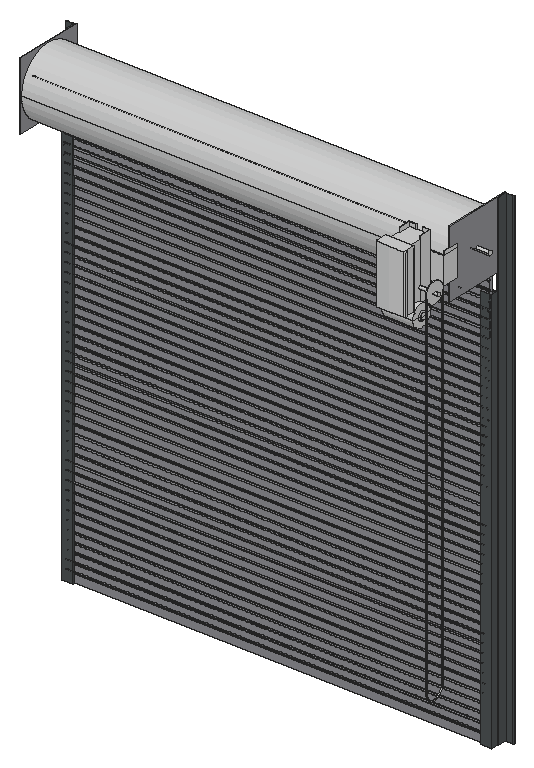
Revit family "Stormtite-HD-Insulated-Rolling-Steel-Service-Doors_OHD_Model-625_compact", category Specialty Equipment, host Wall, Revit 2023 (continued)
Definition of nested family "Motor"
  Definition of nested family "2D_NotScalableMain_29e791da-3db9-4234-ab15-44456784202b"
    Lines and regions (in)
      Masking region 3, in view "Ref. Level", visible <- "Face Mount"
        outline origin (0, 0, 0) x (1, 0, 0) y (0, 1, 0)
          loop
            line (-3.108, 1.46193) -> (-2.988, 1.46193) -> (-2.988, 4.96193) -> (2.988, 4.96193) -> (2.988, 1.46193) -> (3.108, 1.46193) -> (3.108, 5.08193) -> (7.2495, 5.08193) -> (7.2495, 9.82193) -> (6.8795, 9.82193) -> (6.8795, 5.33193) -> (7.1295, 5.33193) -> (7.1295, 5.20193) -> (-2.988, 5.20193) -> (-2.988, 5.08193) -> (-3.108, 5.08193) -> (-3.108, 1.46193)
      Masking region 4, in view "Ref. Level", visible <- "Top + Bench"
        outline origin (0, 0, 0) x (1, 0, 0) y (0, 1, 0)
          loop
            line (-6.9985, -0.96741) -> (-5.7485, -0.96741) -> (-5.7485, -0.30491) -> (-5.5274, -0.30491) -> (-5.5274, -1.76746) -> (-5.42825, -1.86661) -> (-4.5757, -1.86661) -> (-4.5757, -3.22517) -> (4.57, -3.22517) -> (4.57, -1.27241) -> (4.799, -1.27241) -> (4.799, -0.84111) -> (5.199, -0.84111) -> (5.199, 0.84111) -> (4.799, 0.84111) -> (4.799, 1.27241) -> (4.57, 1.27241) -> (4.57, 3.22034) -> (4.3324, 3.22034) -> (4.3324, 6.13) -> (7.2495, 6.13) -> (7.2495, 3.53) -> (7.52, 3.53) -> (7.52, 6.13) -> (8.82, 6.13) -> (8.82, 6.93) -> (7.52, 6.93) -> (7.52, 9.53) -> (7.2495, 9.53) -> (7.2495, 6.93) -> (4.3324, 6.93) -> (4.3324, 19.24819) -> (3.108, 19.24819) -> (3.108, 20.0298) -> (0.988, 20.0298) -> (0.988, 19.24819) -> (-0.988, 19.24819) -> (-0.988, 20.0298) -> (-3.108, 20.0298) -> (-3.108, 19.24819) -> (-4.3324, 19.24819) -> (-4.3324, 3.22517) -> (-4.5757, 3.22517) -> (-4.5757, 1.86661) -> (-5.42825, 1.86661) -> (-5.5274, 1.76746) -> (-5.5274, 0.30491) -> (-5.7485, 0.30491) -> (-5.7485, 0.96741) -> (-6.9985, 0.96741) -> (-6.9985, -0.96741)
      Masking region 5, in view "Ref. Level", visible <- "Top Mount"
        outline origin (0, 0, 0) x (1, 0, 0) y (0, 1, 0)
          loop
            line (4.3324, 14.55771) -> (4.3324, 6.93) -> (7.2495, 6.93) -> (7.2495, 14.55771) -> (7.1295, 14.55771) -> (7.1295, 15.55771) -> (6.8795, 15.55771) -> (6.8795, 14.55771) -> (4.3324, 14.55771)
      Masking region 6, in view "Ref. Level", visible <- "Wall Mount"
        outline origin (0, 0, 0) x (1, 0, 0) y (0, 1, 0)
          loop
            line (-4.988, 4.96193) -> (-3.108, 4.96193) -> (-3.108, 1.46193) -> (-2.988, 1.46193) -> (-2.988, 5.08193) -> (-4.988, 5.08193) -> (-4.988, 4.96193)
          loop
            line (2.988, 1.46193) -> (3.108, 1.46193) -> (3.108, 4.96193) -> (4.988, 4.96193) -> (4.988, 5.08193) -> (2.988, 5.08193) -> (2.988, 1.46193)
      Masking region 7, in view "Ref. Level", visible <- "Bench Mount"
        outline origin (0, 0, 0) x (1, 0, 0) y (0, 1, 0)
          loop
            line (-7.24, 9.2698) -> (-7.1205, 9.2698) -> (-7.1205, 9.1098) -> (-4.3324, 9.1098) -> (-4.3324, 17.4298) -> (-7.1205, 17.4298) -> (-7.1205, 17.2698) -> (-7.24, 17.2698) -> (-7.24, 9.2698)
      Masking region 8, in view "Ref. Level", visible <- "Chain Hoist"
        outline origin (0, -6.98957, 0) x (1, 0, 0) y (0, 1, 0)
          loop
            line (4.7396, 6.58957) -> (7.2495, 6.58957) -> (7.2495, 3.98957) -> (7.52, 3.98957) -> (7.52, 6.58957) -> (8.82, 6.58957) -> (8.82, 7.38957) -> (7.52, 7.38957) -> (7.52, 9.98957) -> (7.2495, 9.98957) -> (7.2495, 7.38957) -> (4.7396, 7.38957) -> (4.7396, 6.58957)
      reference lines, in view "Ref. Level"
        curve 1: line (0, 0, 0) -> (0, 0.125, 0)
        curve 2: line (0, 0, 0) -> (0.125, 0, 0)
      detail lines, in view "Ref. Level", visible <- "Not Top + Bench"
        curve 3: line (7.2495, 4.19, 0) -> (7.2495, -1.81, 0)
        curve 4: line (7.52, 4.19, 0) -> (7.52, -1.81, 0)
        curve 5: line (-4.134, -2.29347, 0) -> (-4.134, -5.05565, 0)
        curve 6: line (4.116, -2.29347, 0) -> (4.116, -5.05565, 0)
        curve 7: line (-4.134, -2.41307, 0) -> (4.116, -2.41307, 0)
        curve 8: line (4.116, -2.29347, 0) -> (3.108, -2.29347, 0)
        curve 9: line (2.988, -2.17347, 0) -> (2.988, 4.96193, 0)
        curve 10: line (2.988, 4.96193, 0) -> (-2.988, 4.96193, 0)
        curve 11: line (-2.988, 4.96193, 0) -> (-2.988, -2.17347, 0)
        curve 12: arc (-2.988, -2.17347, 0) -> (-3.02315, -2.25832, 0) -> (-3.108, -2.29347, 0) r 0.12
        curve 13: arc (3.108, -2.29347, 0) -> (3.02315, -2.25832, 0) -> (2.988, -2.17347, 0) r 0.12
        curve 14: line (4.57, -3.22517, 0) -> (4.57, 0.77483, 0)
        curve 15: line (4.799, -1.27241, 0) -> (4.799, 0.77483, 0)
        curve 16: line (5.199, -0.84111, 0) -> (5.199, 0.77483, 0)
        curve 17: line (-4.5757, -3.22517, 0) -> (-4.5757, 3.22517, 0)
        curve 18: line (-5.42825, -1.86661, 0) -> (-5.42825, 1.86661, 0)
        curve 19: line (-5.5274, 1.76746, 0) -> (-5.5274, -1.76746, 0)
        curve 20: line (-5.7485, -0.96741, 0) -> (-5.7485, 0.96741, 0)
        curve 25: line (-4.116, -2.29347, 0) -> (-3.108, -2.29347, 0)
        curve 26: line (5.199, 0.77483, 0) -> (2.988, 0.77483, 0)
        curve 27: line (4.57, 1.59, 0) -> (3.108, 1.59, 0)
      detail lines, in view "Ref. Level", visible <- "Fire King Face Mount"
        curve 21: circle (0, 1.59, 0) r 1.29967 normal (0, 0, 1)
        curve 22: circle (0, 1.59, 0) r 0.87193 normal (0, 0, 1)
        curve 23: line (-2.988, 7.80693, 0) -> (2.988, 7.80693, 0)
        curve 24: line (-2.988, 7.685, 0) -> (2.988, 7.685, 0)
      detail lines, in view "Ref. Level", visible <- "Top + Bench"
        curve 28: line (-4.5757, -3.22517, 0) -> (-4.5757, 3.22517, 0)
        curve 29: line (-5.42825, 1.86661, 0) -> (-5.42825, -1.86661, 0)
        curve 30: line (-5.5274, 1.76746, 0) -> (-5.5274, -1.76746, 0)
        curve 31: line (-5.7485, -0.96741, 0) -> (-5.7485, 0.96741, 0)
        curve 32: line (-4.3324, 1.8898, 0) -> (-4.3324, 19.24819, 0)
        curve 33: line (-4.3324, 1.8898, 0) -> (4.3324, 1.8898, 0)
        curve 34: line (4.3324, 1.8898, 0) -> (4.3324, 19.24819, 0)
        curve 35: line (4.57, 3.22517, 0) -> (4.57, -3.22517, 0)
        curve 36: line (4.799, 1.27241, 0) -> (4.799, -1.22759, 0)
        curve 41: line (2.988, 20.0298, 0) -> (2.988, 19.24819, 0)
        curve 42: line (-2.988, 20.0298, 0) -> (-2.988, 19.24819, 0)
        curve 43: line (-3.108, 19.24819, 0) -> (-0.988, 19.24819, 0)
        curve 44: line (0.988, 19.24819, 0) -> (3.108, 19.24819, 0)
      detail lines, in view "Ref. Level", visible <- "Chain Hoist"
        curve 37: line (7.2495, 3, 0) -> (7.2495, -3, 0)
        curve 38: line (7.52, -3, 0) -> (7.52, 3, 0)
      detail lines, in view "Ref. Level", visible <- "Bench Mount"
        curve 39: line (-7.1205, 17.4298, 0) -> (-7.1205, 9.1098, 0)
        curve 40: line (-6.9985, 17.4298, 0) -> (-6.9985, 9.1098, 0)
    Dimensions and locks (in)
      curve 1 to curve 1 = 1/8"
      curve 2 to curve 2 = 1/8"
      aligned and locked: plane 1 "Center (Front/Back)" to curve 1
      aligned and locked: plane 3 "Center (Left/Right)" to curve 1
      aligned and locked: plane 1 "Center (Front/Back)" to curve 2
Definition of nested family "625"
  Parameters (values of type "Standard - Gray")
    Void Offset [instance] = if(Integrated Cutout, 0", 1")  # 1"
    Void Height [instance] = if(and([F 265, FE 265], Perforation), 1 1/2", 1")  # 1"
    Standard = yes
    Slat Width [instance] = 3/4"  # constant formula
    Slat Position + Offset [instance] = Slat Position + Cutout Vertical Offset  # 14.491"
    Slat Position [instance] = 2.63" * 5  # 13.15"
    Slat Option [instance] = 3
    Rough Height = 0"
    Perforation = no
    Fenestration Small = no
    Fenestration Large = no
    Cutout Width Offset [instance] = 1"  # constant formula
    Cutout Material 2 = none
    Cutout Horizontal Offset [instance] = 1"  # constant formula
    Cutout Material = none
    Panel Material = none
    Opening Width [instance] = 126"
    Cutout Vertical Offset [instance] = 1.341"  # constant formula
    F 265, FE 265 [instance] = if(Slat Option > 2, 1 = 1, 1 = 2)  # yes
    Default Elevation = 48"
    Integrated Cutout [instance] = if(and(or(Perforation, Fenestration Small), Slat Option > 1), 1 = 1, if(and(Fenestration Large, Slat Option > 2), 1 = 1, 1 = 2))  # no
    C 275 [instance] = if(Slat Option = 2, 1 = 1, 1 = 2)  # no
    C 187 Standard [instance] = if(Slat Option < 2, 1 = 1, 1 = 2)  # no
    Analytic Construction = "<None>"
  Types (16): name | Void Offset | Void Height | Standard | Perforation | Fenestration Small | Fenestration Large | Integrated Cutout
    Standard - White | 1" | 1" | yes | no | no | no | no
    Standard - Tan | 1" | 1" | yes | no | no | no | no
    Standard - Brown | 1" | 1" | yes | no | no | no | no
    Standard - Gray | 1" | 1" | yes | no | no | no | no
    Perforated - Brown | 0" | 1 1/2" | no | yes | no | no | yes
    Perforated - Gray | 0" | 1 1/2" | no | yes | no | no | yes
    Perforated - Tan | 0" | 1 1/2" | no | yes | no | no | yes
    Perforated - White | 0" | 1 1/2" | no | yes | no | no | yes
    Fenestration Small - White | 0" | 1" | no | no | yes | no | yes
    Fenestration Small - Tan | 0" | 1" | no | no | yes | no | yes
    Fenestration Small - Gray | 0" | 1" | no | no | yes | no | yes
    Fenestration Small - Brown | 0" | 1" | no | no | yes | no | yes
    Fenestration Large - Brown | 0" | 1" | no | no | no | yes | yes
    Fenestration Large - White | 0" | 1" | no | no | no | yes | yes
    Fenestration Large - Tan | 0" | 1" | no | no | no | yes | yes
    Fenestration Large - Gray | 0" | 1" | no | no | no | yes | yes
  Reference planes (in)
    plane 1 "Center (Front/Back)": y = 0
    plane 2: z = 0
    plane 3 "Center (Left/Right)": x = 0
    plane 4: x = -63
    plane 5: x = 63
    plane 6: y = 0.75
    plane 7: y = 0
    plane 8: y = 0.375
    plane 9: x = -62
    plane 10: x = 62
    plane 11: z = 1.341
    plane 12: z = 3.971
    plane 13: z = 6.601
    plane 14: z = 9.231
    plane 15: z = 11.861
  Forms (in)
    Extrusion 1, solid, material <- "Panel Material", visible <- "F 265, FE 265"
      sketch origin (0, -4.98186, 13.12534) x (0, 1, 0) y (0, 0, 1)
        loop
          arc (5.0988, -13.3083) -> (5.09929, -13.34104) -> (5.11348, -13.37055) r 0.07621
          line (5.11348, -13.37055) -> (5.62788, -13.53218)
          arc (5.62788, -13.53218) -> (5.6992, -13.52035) -> (5.73186, -13.45586) r 0.08
          line (5.73186, -13.45586) -> (5.73186, -11.01223)
          arc (5.73186, -11.01223) -> (5.70998, -10.95725) -> (5.6563, -10.93235) r 0.08
          line (5.6563, -10.93235) -> (5.15805, -10.90465)
          arc (5.15805, -10.90465) -> (5.1326, -10.89411) -> (5.12205, -10.86866) r 0.03599
          line (5.12205, -10.86866) -> (5.14644, -10.75537) -> (5.62788, -10.90665)
          arc (5.62788, -10.90665) -> (5.6992, -10.89482) -> (5.73186, -10.83033) r 0.08
          line (5.73186, -10.83033) -> (5.73186, -8.38669)
          arc (5.73186, -8.38669) -> (5.70998, -8.33172) -> (5.6563, -8.30682) r 0.08
          line (5.6563, -8.30682) -> (5.15803, -8.27913)
          arc (5.15803, -8.27913) -> (5.13258, -8.26859) -> (5.12203, -8.24314) r 0.036
          line (5.12203, -8.24314) -> (5.14608, -8.12972) -> (5.62788, -8.28112)
          arc (5.62788, -8.28112) -> (5.6992, -8.26929) -> (5.73186, -8.2048) r 0.08
          line (5.73186, -8.2048) -> (5.73186, -5.76116)
          arc (5.73186, -5.76116) -> (5.70998, -5.70618) -> (5.6563, -5.68128) r 0.08
          line (5.6563, -5.68128) -> (5.15805, -5.65358)
          arc (5.15805, -5.65358) -> (5.1326, -5.64304) -> (5.12205, -5.61759) r 0.03599
          line (5.12205, -5.61759) -> (5.14644, -5.50431) -> (5.62788, -5.65558)
          arc (5.62788, -5.65558) -> (5.6992, -5.64376) -> (5.73186, -5.57926) r 0.08
          line (5.73186, -5.57926) -> (5.73186, -3.13563)
          arc (5.73186, -3.13563) -> (5.70998, -3.08065) -> (5.6563, -3.05575) r 0.08
          line (5.6563, -3.05575) -> (5.15803, -3.02807)
          arc (5.15803, -3.02807) -> (5.13258, -3.01752) -> (5.12203, -2.99207) r 0.036
          line (5.12203, -2.99207) -> (5.14608, -2.87866) -> (5.62788, -3.03005)
          arc (5.62788, -3.03005) -> (5.6992, -3.01822) -> (5.73186, -2.95373) r 0.08
          line (5.73186, -2.95373) -> (5.73186, -0.51008)
          arc (5.73186, -0.51008) -> (5.7099, -0.45503) -> (5.65608, -0.4302) r 0.08
          line (5.65608, -0.4302) -> (5.15717, -0.40384)
          arc (5.15717, -0.40384) -> (5.13253, -0.39363) -> (5.12232, -0.36899) r 0.03484
          line (5.12232, -0.36899) -> (5.17373, -0.11725)
          arc (5.17373, -0.11725) -> (5.57105, 0.04334) -> (5.14251, 0.04602) r 0.21842
          line (5.14251, 0.04602) -> (4.98186, -0.36586) -> (4.98186, -2.1875) -> (5.67186, -2.1875) -> (5.67186, -2.94108)
          arc (5.67186, -2.94108) -> (5.65961, -2.96526) -> (5.63287, -2.9697) r 0.03
          line (5.63287, -2.9697) -> (5.15787, -2.82044) -> (5.17381, -2.74238)
          arc (5.17381, -2.74238) -> (5.57162, -2.58338) -> (5.14325, -2.57763) r 0.21842
          line (5.14325, -2.57763) -> (4.98186, -2.99139) -> (4.98186, -4.81121) -> (5.67186, -4.81121) -> (5.67186, -5.56661)
          arc (5.67186, -5.56661) -> (5.65961, -5.5908) -> (5.63287, -5.59523) r 0.03
          line (5.63287, -5.59523) -> (5.15819, -5.44608) -> (5.17407, -5.36831)
          arc (5.17407, -5.36831) -> (5.57157, -5.20867) -> (5.14325, -5.20316) r 0.21842
          line (5.14325, -5.20316) -> (4.98186, -5.61692) -> (4.98186, -7.43675) -> (5.67186, -7.43675) -> (5.67186, -8.19214)
          arc (5.67186, -8.19214) -> (5.65961, -8.21633) -> (5.63287, -8.22076) r 0.03
          line (5.63287, -8.22076) -> (5.15787, -8.07151) -> (5.17381, -7.99345)
          arc (5.17381, -7.99345) -> (5.57162, -7.83444) -> (5.14325, -7.82869) r 0.21842
          line (5.14325, -7.82869) -> (4.98186, -8.24245) -> (4.98186, -10.06228) -> (5.67186, -10.06228) -> (5.67186, -10.81768)
          arc (5.67186, -10.81768) -> (5.65961, -10.84186) -> (5.63287, -10.8463) r 0.03
          line (5.63287, -10.8463) -> (5.15819, -10.69714) -> (5.17407, -10.61938)
          arc (5.17407, -10.61938) -> (5.57157, -10.45974) -> (5.14325, -10.45422) r 0.21842
          line (5.14325, -10.45422) -> (4.98186, -10.86799) -> (4.98186, -12.68781) -> (5.67186, -12.68781) -> (5.67186, -13.44321)
          arc (5.67186, -13.44321) -> (5.65961, -13.46739) -> (5.63287, -13.47183) r 0.03
          line (5.63287, -13.47183) -> (5.15787, -13.32257) -> (5.17381, -13.24451)
          arc (5.17381, -13.24451) -> (5.57144, -13.08456) -> (5.14285, -13.08164) r 0.21842
          line (5.14285, -13.08164) -> (5.09633, -13.30779)
      from -63 to 63
    Extrusion 2, void
      sketch origin (0, 0.5, 0) x (0, 1, 0) y (0, 0, 1)
        loop
          line (0.5, 1.841) -> (0.5, 0.841) -> (1.25, 0.841) -> (1.25, 1.841) -> (0.5, 1.841)
        loop
          line (0.5, 4.471) -> (0.5, 3.471) -> (1.25, 3.471) -> (1.25, 4.471) -> (0.5, 4.471)
        loop
          line (0.5, 7.101) -> (0.5, 6.101) -> (1.25, 6.101) -> (1.25, 7.101) -> (0.5, 7.101)
        loop
          line (0.5, 9.731) -> (0.5, 8.731) -> (1.25, 8.731) -> (1.25, 9.731) -> (0.5, 9.731)
        loop
          line (0.5, 12.361) -> (0.5, 11.361) -> (1.25, 11.361) -> (1.25, 12.361) -> (0.5, 12.361)
      from -62 to 62
  Cuts and joins
    Extrusion 2 cuts Extrusion 1
  Lines and regions (in)
    reference lines
      curve 1: line (0, -4.98186, 12.78) -> (0, 10.2077, 12.78)
  Dimensions and locks (in)
    equal spacing: plane 4, plane 3 "Center (Left/Right)", plane 5
    "Opening Width": plane 4 to plane 5
    "Slat Width": plane 1 "Center (Front/Back)" to plane 6
    equal spacing: plane 1 "Center (Front/Back)", plane 8, plane 6
    "Cutout Width Offset": plane 4 to plane 9
    "Cutout Width Offset": plane 5 to plane 10
    "Void Height": Extrusion 2 sketch curve to Extrusion 2 sketch curve  (x5)
    "Slat Width": Extrusion 2 sketch curve to Extrusion 2 sketch curve
    locked: curve 1 to curve 1 at 15.18956
    locked: plane 12 to plane 11 at 2.63
    locked: plane 13 to plane 12 at 2.63
    locked: plane 14 to plane 13 at 2.63
    locked: plane 15 to plane 14 at 2.63
    "Void Offset": plane 6 to Extrusion 2 sketch curve
    locked: plane 11 to level at 1.341
    locked: curve 1 to level at 12.78
    aligned and locked: plane 2 to level
    aligned and locked: plane 1 "Center (Front/Back)" to plane 7
    aligned and locked: plane 5 to Extrusion 1
    aligned and locked: plane 4 to Extrusion 1
    aligned and locked: plane 3 "Center (Left/Right)" to nested 1
    aligned and locked: Extrusion 2 sketch curve to Extrusion 2 sketch curve  (x8)
    aligned and locked: plane 9 to Extrusion 2
    aligned and locked: plane 10 to Extrusion 2
    aligned and locked: plane 3 "Center (Left/Right)" to nested 2
    aligned and locked: plane 3 "Center (Left/Right)" to nested 3
    aligned and locked: plane 3 "Center (Left/Right)" to nested 4
    aligned and locked: plane 3 "Center (Left/Right)" to nested 5
  Automatic sketch dimensions
    curve 1 to Extrusion 1 sketch curve = 4.98186"  (x2)
    curve 1 to Extrusion 1 sketch curve = 0.02051"
    Extrusion 1 sketch curve to Extrusion 1 sketch curve = 0"  (x4)
    Extrusion 1 sketch curve to Extrusion 1 sketch curve = 0.13162"
    Extrusion 1 sketch curve to Extrusion 1 sketch curve = 0.14017"  (x2)
    Extrusion 1 sketch curve to Extrusion 1 sketch curve = 0.14019"  (x2)
    curve 1 to Extrusion 1 sketch curve = 0.02365"
    Extrusion 1 sketch curve to Extrusion 1 sketch curve = 0.14046"
    Extrusion 1 sketch curve to curve 1 = 0.39136"
    Extrusion 1 sketch curve to Extrusion 1 sketch curve = 0.02019"
    Extrusion 1 sketch curve to Extrusion 1 sketch curve = 0.02119"  (x2)
    curve 1 to Extrusion 1 sketch curve = 2.23228"
    Extrusion 1 sketch curve to Extrusion 1 sketch curve = 0.02122"  (x2)
    Extrusion 1 sketch curve to Extrusion 1 sketch curve = 0.02405"  (x2)
    Extrusion 1 sketch curve to Extrusion 1 sketch curve = 0.02439"  (x2)
    curve 1 to Extrusion 1 sketch curve = 0.05849"
    Extrusion 1 sketch curve to Extrusion 1 sketch curve = 0.04439"
    Extrusion 1 sketch curve to Extrusion 1 sketch curve = 0.01179"  (x2)
    Extrusion 1 sketch curve to Extrusion 1 sketch curve = 0.036"  (x2)
    curve 1 to Extrusion 1 sketch curve = 2.68272"
    Extrusion 1 sketch curve to Extrusion 1 sketch curve = 0.03599"  (x2)
    Extrusion 1 sketch curve to Extrusion 1 sketch curve = 0.01175"  (x2)
    Extrusion 1 sketch curve to Extrusion 1 sketch curve = 0.0156"
    Extrusion 1 sketch curve to curve 1 = 0.2281"
    Extrusion 1 sketch curve to Extrusion 1 sketch curve = 0.03122"
    curve 1 to Extrusion 1 sketch curve = 2.39704"
    Extrusion 1 sketch curve to Extrusion 1 sketch curve = 0.01594"  (x2)
    Extrusion 1 sketch curve to Extrusion 1 sketch curve = 0.00034"  (x2)
    Extrusion 1 sketch curve to Extrusion 1 sketch curve = 0.01588"  (x2)
    Extrusion 1 sketch curve to Extrusion 1 sketch curve = 0.18279"  (x2)
    Extrusion 1 sketch curve to Extrusion 1 sketch curve = 0.18305"  (x2)
    Extrusion 1 sketch curve to Extrusion 1 sketch curve = 0.21361"  (x2)
    Extrusion 1 sketch curve to Extrusion 1 sketch curve = 0.46983"  (x2)
    Extrusion 1 sketch curve to Extrusion 1 sketch curve = 0.27102"
    curve 1 to Extrusion 1 sketch curve = 2.68471"
    Extrusion 1 sketch curve to Extrusion 1 sketch curve = 0.46985"  (x2)
    Extrusion 1 sketch curve to Extrusion 1 sketch curve = 0.00499"  (x5)
    Extrusion 1 sketch curve to Extrusion 1 sketch curve = 0.00899"  (x5)
    Extrusion 1 sketch curve to Extrusion 1 sketch curve = 0.02398"  (x4)
    Extrusion 1 sketch curve to Extrusion 1 sketch curve = 0.49469"
    Extrusion 1 sketch curve to Extrusion 1 sketch curve = 0.01"  (x5)
    curve 1 to Extrusion 1 sketch curve = 0.08485"
    Extrusion 1 sketch curve to Extrusion 1 sketch curve = 0.00422"
    Extrusion 1 sketch curve to Extrusion 1 sketch curve = 0.02842"  (x4)
    curve 1 to Extrusion 1 sketch curve = 2.71041"
    Extrusion 1 sketch curve to Extrusion 1 sketch curve = 0.315"  (x4)
    Extrusion 1 sketch curve to Extrusion 1 sketch curve = 0.02"
    Extrusion 1 sketch curve to Extrusion 1 sketch curve = 0.08"  (x2)
    Extrusion 1 sketch curve to Extrusion 1 sketch curve = 0.06"
    Extrusion 1 sketch curve to Extrusion 1 sketch curve = 1.67559"  (x2)
    Extrusion 1 sketch curve to Extrusion 1 sketch curve = 0.39195"  (x3)
    Extrusion 1 sketch curve to Extrusion 1 sketch curve = 0.04559"  (x3)
    Extrusion 1 sketch curve to Extrusion 1 sketch curve = 0.07776"  (x2)
    Extrusion 1 sketch curve to Extrusion 1 sketch curve = 0.05823"  (x2)
    Extrusion 1 sketch curve to Extrusion 1 sketch curve = 0.11262"  (x2)
    Extrusion 1 sketch curve to Extrusion 1 sketch curve = 29/256"  (x2)
    Extrusion 1 sketch curve to Extrusion 1 sketch curve = 0.07806"  (x2)
    Extrusion 1 sketch curve to Extrusion 1 sketch curve = 0.05822"
    Extrusion 1 sketch curve to Extrusion 1 sketch curve = 0.11273"
    Extrusion 1 sketch curve to Extrusion 1 sketch curve = 0.11341"
    Extrusion 1 sketch curve to Extrusion 1 sketch curve = 1.78314"
    Extrusion 1 sketch curve to Extrusion 1 sketch curve = 1.78316"
    Extrusion 1 sketch curve to Extrusion 1 sketch curve = 0.43753"
    Extrusion 1 sketch curve to Extrusion 1 sketch curve = 0.11917"
    Extrusion 1 sketch curve to Extrusion 1 sketch curve = 0.00097"
    Extrusion 1 sketch curve to Extrusion 1 sketch curve = 0.04797"
    Extrusion 1 sketch curve to Extrusion 1 sketch curve = 0.00068"
    Extrusion 1 sketch curve to Extrusion 1 sketch curve = 0.01597"
    Extrusion 1 sketch curve to Extrusion 1 sketch curve = 0.43571"
    Extrusion 1 sketch curve to Extrusion 1 sketch curve = 0.06154"
    Extrusion 1 sketch curve to Extrusion 1 sketch curve = 0.00247"
    Extrusion 1 sketch curve to Extrusion 1 sketch curve = 0.0313"
    Extrusion 1 sketch curve to Extrusion 1 sketch curve = 0.0005"
    plane 1 "Center (Front/Back)" to curve 1 = 4.98186"
    plane 14 to Extrusion 2 sketch curve = 1/2"
    plane 13 to Extrusion 2 sketch curve = 1/2"
    plane 12 to Extrusion 2 sketch curve = 1/2"
    plane 11 to Extrusion 2 sketch curve = 1/2"
    Extrusion 2 sketch curve to plane 15 = 1/2"
  Nested families (in)
    nested 1: "Perforation" at (0, 0.375, 1.341), visible <- "Integrated Cutout", type "Perforation"
    nested 2: "Perforation" at (0, 0.375, 3.971), visible <- "Integrated Cutout", type "Perforation"
    nested 3: "Perforation" at (0, 0.375, 6.601), visible <- "Integrated Cutout", type "Perforation"
    nested 4: "Perforation" at (0, 0.375, 9.231), visible <- "Integrated Cutout", type "Perforation"
    nested 5: "Perforation" at (0, 0.375, 11.861), visible <- "Integrated Cutout", type "Perforation"
  Definition of nested family "Perforation"
    Parameters (values of type "Perforation")
      Thickness = 3/4"
      Perforation = none
      Opening Width = 126"
      Offset = 1"
      Height = 1"
      Default Elevation = 48"
    Reference planes (in)
      plane 1 "Center (Front/Back)": y = 0
      plane 2: z = 0
      plane 3 "Center (Left/Right)": x = 0
      plane 4: z = 0.5
      plane 5: z = -0.5
      plane 6: y = -0.375
      plane 7: y = 0.375
      plane 8: x = -63
      plane 9: x = 63
      plane 10: x = -62
      plane 11: x = 62
    Forms (in)
      Extrusion 1, solid, material <- "Perforation"
        sketch origin (0, -0.19, 0) x (0, 1, 0) y (0, 0, 1)
          loop
            line (-0.185, 0.5) -> (-0.185, -0.5) -> (0.565, -0.5) -> (0.565, 0.5) -> (-0.185, 0.5)
        from -62 to 62
    Dimensions and locks (in)
      equal spacing: plane 4, level, plane 5
      "Height": plane 4 to plane 5
      equal spacing: plane 6, plane 1 "Center (Front/Back)", plane 7
      "Thickness": plane 6 to plane 7
      "Opening Width": plane 8 to plane 9
      "Offset": plane 8 to plane 10
      "Offset": plane 9 to plane 11
      equal spacing: plane 8, plane 3 "Center (Left/Right)", plane 9
      aligned and locked: plane 2 to level
      aligned and locked: plane 4 to Extrusion 1
      aligned and locked: Extrusion 1 to plane 5
      aligned and locked: plane 6 to Extrusion 1
      aligned and locked: plane 7 to Extrusion 1
      aligned and locked: Extrusion 1 to plane 10
      aligned and locked: plane 11 to Extrusion 1
    Automatic sketch dimensions
      Extrusion 1 sketch curve to level = 1/2"
      plane 1 "Center (Front/Back)" to Extrusion 1 sketch curve = 3/8"
      Extrusion 1 sketch curve to plane 1 "Center (Front/Back)" = 3/8"
      plane 4 to Extrusion 1 sketch curve = 0"
Definition of nested family "Label Annotation 1"
  Parameters (values of type "Label Annotation 1-8")
    Label = "Area is too big. Please reduce Door Size."
  Reference planes (in)
    plane 1: y = 0
    plane 2: x = 0
  Text (in)
    label "Label" at (0.00375, -0.00345, 0), shows "Label"
Definition of nested family "Warning Sign"
  Parameters (values of type "Warning Sign")
    Warning Sign [instance] = no
    Default Elevation = 48"
  Reference planes (in)
    plane 1 "Center (Front/Back)": y = 0
    plane 2: z = 0
    plane 3 "Center (Left/Right)": x = 0
    plane 4: y = 0.5
    plane 5: y = -0.5
    plane 6: y = 1
    plane 7: y = 0.25
  Lines and regions (in)
    model lines
      curve 1: line (-2.26129, 1, 45.69444) -> (-26.3817, 1, 3.91667)
      curve 2: line (-25.25106, 1, 3.26389) -> (-1.13064, 1, 45.04167)
      curve 3: arc (2.26129, 1, 45.69444) -> (0, 1, 47) -> (-2.26129, 1, 45.69444) r 2.61111
      curve 4: arc (-1.13064, 1, 45.04167) -> (0, 1, 45.69444) -> (1.13064, 1, 45.04167) r 1.30556
      curve 5: line (1.13064, 1, 45.04167) -> (25.25106, 1, 3.26389)
      curve 6: line (26.3817, 1, 3.91667) -> (2.26129, 1, 45.69444)
      curve 7: arc (25.25106, 1, 3.26389) -> (25.25106, 1, 1.95833) -> (24.12041, 1, 1.30556) r 1.30556
      curve 8: arc (24.12041, 1, 0) -> (26.3817, 1, 1.30556) -> (26.3817, 1, 3.91667) r 2.61111
      curve 9: line (24.12041, 1, 1.30556) -> (-24.12041, 1, 1.30556)
      curve 10: line (-24.12041, 1, 0) -> (24.12041, 1, 0)
      curve 11: arc (-24.12041, 1, 1.30556) -> (-25.25106, 1, 1.95833) -> (-25.25106, 1, 3.26389) r 1.30556
      curve 12: arc (-26.3817, 1, 3.91667) -> (-26.3817, 1, 1.30556) -> (-24.12041, 1, 0) r 2.61111
      curve 13: arc (-2.29479, 1, 8.63537) -> (0, 1, 6.34057) -> (2.29479, 1, 8.63537) r 2.29479
      curve 14: arc (2.29479, 1, 8.63537) -> (0, 1, 10.93016) -> (-2.29479, 1, 8.63537) r 2.29479
      curve 15: arc (-1.6331, 1, 13.97069) -> (0.03439, 1, 12.53727) -> (1.69278, 1, 13.98121) r 1.68043
      curve 16: line (-3.77413, 1, 28.37873) -> (-1.6331, 1, 13.97069)
      curve 17: line (1.69278, 1, 13.98121) -> (3.73924, 1, 28.37873)
      curve 18: arc (3.73924, 1, 28.37873) -> (-0.01745, 1, 32.13541) -> (-3.77413, 1, 28.37873) r 3.75668
      curve 19: line (-2.26129, -0.5, 45.69444) -> (-26.3817, -0.5, 3.91667)
      curve 20: line (-25.25106, -0.5, 3.26389) -> (-1.13064, -0.5, 45.04167)
      curve 21: arc (2.26129, -0.5, 45.69444) -> (0, -0.5, 47) -> (-2.26129, -0.5, 45.69444) r 2.61111
      curve 22: arc (-1.13064, -0.5, 45.04167) -> (0, -0.5, 45.69444) -> (1.13064, -0.5, 45.04167) r 1.30556
      curve 23: line (1.13064, -0.5, 45.04167) -> (25.25106, -0.5, 3.26389)
      curve 24: line (26.3817, -0.5, 3.91667) -> (2.26129, -0.5, 45.69444)
      curve 25: arc (25.25106, -0.5, 3.26389) -> (25.25106, -0.5, 1.95833) -> (24.12041, -0.5, 1.30556) r 1.30556
      curve 26: arc (24.12041, -0.5, 0) -> (26.3817, -0.5, 1.30556) -> (26.3817, -0.5, 3.91667) r 2.61111
      curve 27: line (24.12041, -0.5, 1.30556) -> (-24.12041, -0.5, 1.30556)
      curve 28: line (-24.12041, -0.5, 0) -> (24.12041, -0.5, 0)
      curve 29: arc (-24.12041, -0.5, 1.30556) -> (-25.25106, -0.5, 1.95833) -> (-25.25106, -0.5, 3.26389) r 1.30556
      curve 30: arc (-26.3817, -0.5, 3.91667) -> (-26.3817, -0.5, 1.30556) -> (-24.12041, -0.5, 0) r 2.61111
      curve 31: arc (-2.29479, -0.5, 8.63537) -> (0, -0.5, 6.34057) -> (2.29479, -0.5, 8.63537) r 2.29479
      curve 32: arc (2.29479, -0.5, 8.63537) -> (0, -0.5, 10.93016) -> (-2.29479, -0.5, 8.63537) r 2.29479
      curve 33: arc (-1.6331, -0.5, 13.97069) -> (0.03439, -0.5, 12.53727) -> (1.69278, -0.5, 13.98121) r 1.68043
      curve 34: line (-3.77413, -0.5, 28.37873) -> (-1.6331, -0.5, 13.97069)
      curve 35: line (1.69278, -0.5, 13.98121) -> (3.73924, -0.5, 28.37873)
      curve 36: arc (3.73924, -0.5, 28.37873) -> (-0.01745, -0.5, 32.13541) -> (-3.77413, -0.5, 28.37873) r 3.75668
  Dimensions and locks (in)
    locked: plane 1 "Center (Front/Back)" to plane 4 at 0.5
    equal spacing: plane 1 "Center (Front/Back)", plane 7, plane 4
    locked: plane 4 to plane 6 at 0.5
    locked: plane 5 to plane 1 "Center (Front/Back)" at 0.5
    aligned and locked: plane 2 to level
  Automatic sketch dimensions
    curve 21 to curve 22 = 0"  (x2)
    curve 25 to curve 26 = 0"  (x2)
    curve 29 to curve 30 = 0"  (x2)
    curve 31 to curve 32 = 0"  (x2)
    curve 21 to plane 3 "Center (Left/Right)" = 0"
    curve 31 to plane 3 "Center (Left/Right)" = 0"
    curve 30 to level = 0"
    level to curve 27 = 1.30556"
    curve 26 to curve 27 = 1.30556"
    curve 29 to curve 27 = 1.30556"
    curve 23 to curve 25 = 0.65278"
    curve 20 to curve 29 = 0.65278"
    curve 24 to curve 23 = 0.65278"
    curve 19 to curve 20 = 0.65278"
    level to curve 32 = 8.63537"
    curve 34 to plane 3 "Center (Left/Right)" = 1.6331"
    curve 34 to curve 31 = 5.33532"
    plane 3 "Center (Left/Right)" to curve 35 = 1.69278"
    curve 35 to curve 34 = 0.01052"
    plane 3 "Center (Left/Right)" to curve 33 = 0.02908"
    curve 36 to plane 3 "Center (Left/Right)" = 0.01745"
    curve 36 to curve 33 = 14.16104"
    curve 22 to curve 36 = 16.01016"
    plane 3 "Center (Left/Right)" to curve 23 = 1.13064"
    curve 23 to curve 21 = 0.65278"
    curve 20 to plane 3 "Center (Left/Right)" = 1.13064"
    plane 3 "Center (Left/Right)" to curve 24 = 2.26129"
    curve 24 to curve 22 = 0.65278"
    curve 19 to plane 3 "Center (Left/Right)" = 2.26129"
    curve 34 to curve 36 = 3.75668"
    curve 30 to plane 3 "Center (Left/Right)" = 24.12041"
    plane 3 "Center (Left/Right)" to curve 25 = 24.12041"
    curve 31 to curve 31 = 2.29479"
    curve 3 to curve 4 = 0"  (x2)
    curve 7 to curve 8 = 0"  (x2)
    curve 11 to curve 12 = 0"  (x2)
    curve 13 to curve 14 = 0"  (x2)
    curve 3 to plane 3 "Center (Left/Right)" = 0"
    curve 13 to plane 3 "Center (Left/Right)" = 0"
    curve 12 to level = 0"
    level to curve 9 = 1.30556"
    curve 8 to curve 9 = 1.30556"
    curve 11 to curve 9 = 1.30556"
    curve 5 to curve 7 = 0.65278"
    curve 2 to curve 11 = 0.65278"
    curve 6 to curve 5 = 0.65278"
    curve 1 to curve 2 = 0.65278"
    level to curve 14 = 8.63537"
    curve 16 to plane 3 "Center (Left/Right)" = 1.6331"
    curve 16 to curve 13 = 5.33532"
    plane 3 "Center (Left/Right)" to curve 17 = 1.69278"
    curve 17 to curve 16 = 0.01052"
    plane 3 "Center (Left/Right)" to curve 15 = 0.02908"
    curve 18 to plane 3 "Center (Left/Right)" = 0.01745"
    curve 18 to curve 15 = 14.16104"
    curve 4 to curve 18 = 16.01016"
    plane 3 "Center (Left/Right)" to curve 5 = 1.13064"
    curve 5 to curve 3 = 0.65278"
    curve 2 to plane 3 "Center (Left/Right)" = 1.13064"
    plane 3 "Center (Left/Right)" to curve 6 = 2.26129"
    curve 6 to curve 4 = 0.65278"
    curve 1 to plane 3 "Center (Left/Right)" = 2.26129"
    curve 16 to curve 18 = 3.75668"
    curve 12 to plane 3 "Center (Left/Right)" = 24.12041"
    plane 3 "Center (Left/Right)" to curve 7 = 24.12041"
    curve 13 to curve 13 = 2.29479"
Types (6): name | Voltage | Operator Visibility | Number of Poles | Hood Offset | Headroom Height Real | Headroom Height | Door Height True | Door Height (Real) | Floor To (CL) of Shaft | Chain Hoist or Manual | Connector Array | Calculated Area | Apparent Load Phase 3 | Apparent Load Phase 2 | Apparent Load Phase 1
  115 volts, one phase, 60 Hz (110-120V range) | 115 V | yes | 1 | 5" | 25" | 25" | 145" | 125" | 135" | no | 3 | 104.601 SF | 0 VA | 0 VA | 2300 VA
  Chain Hoist | 115 V | yes | 1 | 3" | 23" | 23" | 143" | 123" | 133" | yes | 2 | 102.927 SF | 0 VA | 0 VA | 2300 VA
  Manual push-up | 115 V | no | 1 | 3" | 23" | 23" | 143" | 123" | 133" | yes | 2 | 102.927 SF | 0 VA | 0 VA | 2300 VA
  230 volts, three phase, 60 Hz (208-245V range) | 230 V | yes | 3 | 5" | 25" | 25" | 145" | 125" | 135" | no | 3 | 104.601 SF | 2655.81 VA | 2655.81 VA | 2655.81 VA
  230 volts, single phase, 60 Hz (208-245V range) | 230 V | yes | 1 | 5" | 25" | 25" | 145" | 125" | 135" | no | 3 | 104.601 SF | 0 VA | 0 VA | 4600 VA
  460 volts, three phase, 60 Hz (456-495V range) | 460 V | yes | 3 | 5" | 25" | 25" | 145" | 125" | 135" | no | 3 | 104.601 SF | 5311.62 VA | 5311.62 VA | 5311.62 VA
